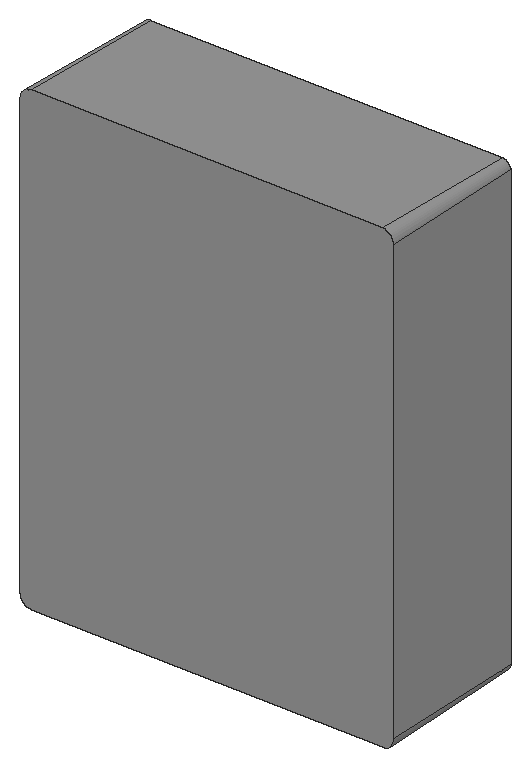
Revit family "L&L_LUCE&LIGHT_PASITO_MINI_1.2", category Lighting Fixtures, host Wall, Revit 2018
Family settings
  Host = Wall
  Round Connector Dimension = Use Diameter
  Part Type = Normal
  OmniClass Number = 23.80.00.00
  OmniClass Title = Electric Power and Lighting
  Always vertical = Yes
  Cut with Voids When Loaded = No
  Light Source = Yes
  Shared = No
  Room Calculation Point = No
Parameters (values of type "PASITO_MINI_1.2 – 60°")
  Wattage = 5 W
  WIDTH = 14.3000 cm
  WEIGHT KG = 0.4
  URL IMAGE = "https://www.lucelight.it/media/prodotti/foto/pasito_mini_1.2_still.jpg"
  URL DXF = "https://www.lucelight.it/media/prodotti/dxf/pasito_mini_1.2.dxf"
  URL DESCRIPTION = "https://www.lucelight.it/en/capitolato.php/110307"
  URL CATALOGUE = "https://www.lucelight.it/media/prodotti/brochure/pasito_brochure_en.pdf"
  Type Comments = "surface mounted (wall)"
  Tilt Angle = 0.00°
  THICKNESS = 4.6000 cm
  TECHNICAL SHEET = "https://www.lucelight.it/media/prodotti/st/ST_PASITO_MINI_12.pdf"
  Photometric Web File = "PASITO MINI 1.2 BE 60° [2700K 5W 24Vdc] white.IES"
  PROTECTION LEVEL = "IP 65"
  PRODUCT CODE CONFIGURATOR = "https://www.lucelight.it/en/prodotto.php/110307#a-generacodice"
  POWER SUPPLY = "24Vdc, 230Vac"
  POWER CONSUMPTION = "6W (230Vac), 5W (24Vdc)"
  PHOTOMETRIC CURVE = ""
  built-in parameter 1150142 = "IESNA:LM-63-2002\r\n[TEST] PASITO 20181009-1642.LDT\r\n[TESTLAB] L&L\r\n[TESTDATE] 9 Oct 2018\r\n[ISSUEDATE] 9 Oct 2018\r\n[MANUFAC] L&L\r\n[LUMCAT] PASITO MINI 1.2 BE 60° [2700K 5W 24Vdc] white\r\n[LUMINAIRE] PASITO MINI 1.2 BE 60° [2700K 5W 24Vdc] white\r\n[FLASHAREA] 0.000015\r\n[LAMPCAT] Power LED\r\n[LAMP] Power LED\r\nTILT=NONE\r\n1 190.00 1.0 181 73 1 2 0.002 0.030 0.000\r\n1.00 1.00 5.00\r\n0.00 1.00 2.00 3.00 4.00 5.00 6.00 7.00 8.00 9.00 10.00 \r\n11.00 12.00 13.00 14.00 15.00 16.00 17.00 18.00 19.00 \r\n20.00 21.00 22.00 23.00 24.00 25.00 26.00 27.00 28.00 \r\n29.00 30.00 31.00 32.00 33.00 34.00 35.00 36.00 37.00 \r\n38.00 39.00 40.00 41.00 42.00 43.00 44.00 45.00 46.00 \r\n47.00 48.00 49.00 50.00 51.00 52.00 53.00 54.00 55.00 \r\n56.00 57.00 58.00 59.00 60.00 61.00 62.00 63.00 64.00 \r\n65.00 66.00 67.00 68.00 69.00 70.00 71.00 72.00 73.00 \r\n74.00 75.00 76.00 77.00 78.00 79.00 80.00 81.00 82.00 \r\n83.00 84.00 85.00 86.00 87.00 88.00 89.00 90.00 91.00 \r\n92.00 93.00 94.00 95.00 96.00 97.00 98.00 99.00 100.00 \r\n101.00 102.00 103.00 104.00 105.00 106.00 107.00 108.00 \r\n109.00 110.00 111.00 112.00 113.00 114.00 115.00 116.00 \r\n117.00 118.00 119.00 120.00 121.00 122.00 123.00 124.00 \r\n125.00 126.00 127.00 128.00 129.00 130.00 131.00 132.00 \r\n133.00 134.00 135.00 136.00 137.00 138.00 139.00 140.00 \r\n141.00 142.00 143.00 144.00 145.00 146.00 147.00 148.00 \r\n149.00 150.00 151.00 152.00 153.00 154.00 155.00 156.00 \r\n157.00 158.00 159.00 160.00 161.00 162.00 163.00 164.00 \r\n165.00 166.00 167.00 168.00 169.00 170.00 171.00 172.00 \r\n173.00 174.00 175.00 176.00 177.00 178.00 179.00 180.00 \r\n0.00 5.00 10.00 15.00 20.00 25.00 30.00 35.00 40.00 45.00 \r\n50.00 55.00 60.00 65.00 70.00 75.00 80.00 85.00 90.00 \r\n95.00 100.00 105.00 110.00 115.00 120.00 125.00 130.00 \r\n135.00 140.00 145.00 150.00 155.00 160.00 165.00 170.00 \r\n175.00 180.00 185.00 190.00 195.00 200.00 205.00 210.00 \r\n215.00 220.00 225.00 230.00 235.00 240.00 245.00 250.00 \r\n255.00 260.00 265.00 270.00 275.00 280.00 285.00 290.00 \r\n295.00 300.00 305.00 310.00 315.00 320.00 325.00 330.00 \r\n335.00 340.00 345.00 350.00 355.00 360.00 \r\n0.01 0.02 0.02 0.02 0.03 0.03 0.03 0.04 0.04 0.04 0.05 \r\n0.05 0.05 0.06 0.06 0.07 0.07 0.07 0.08 0.08 0.09 0.09 \r\n0.10 0.10 0.10 0.11 0.11 0.12 0.12 0.13 0.13 0.14 0.14 \r\n0.15 0.15 0.16 0.16 0.16 0.17 0.17 0.18 0.18 0.19 0.19 \r\n0.19 0.20 0.20 0.21 0.21 0.21 0.22 0.22 0.23 0.23 0.23 \r\n0.24 0.24 0.25 0.25 0.25 0.26 0.26 0.26 0.27 0.27 0.27 \r\n0.28 0.28 0.28 0.29 0.29 0.29 0.30 0.30 0.30 0.31 0.31 \r\n0.31 0.31 0.31 0.32 0.32 0.32 0.32 0.32 0.32 0.33 0.33 \r\n0.33 0.33 0.33 0.33 0.33 0.33 0.33 0.33 0.33 0.33 0.33 \r\n0.33 0.33 0.33 0.32 0.32 0.32 0.32 0.32 0.31 0.31 0.31 \r\n0.31 0.30 0.30 0.30 0.29 0.29 0.29 0.28 0.28 0.28 0.27 \r\n0.27 0.26 0.26 0.25 0.25 0.24 0.24 0.23 0.23 0.23 0.22 \r\n0.22 0.21 0.21 0.20 0.20 0.19 0.19 0.18 0.18 0.17 0.17 \r\n0.16 0.16 0.15 0.15 0.14 0.14 0.13 0.13 0.12 0.12 0.11 \r\n0.11 0.10 0.10 0.09 0.09 0.08 0.08 0.07 0.07 0.06 0.06 \r\n0.05 0.05 0.04 0.04 0.03 0.03 0.03 0.02 0.02 0.02 0.02 \r\n0.02 0.02 0.02 0.02 0.02 \r\n0.01 0.02 0.02 0.02 0.02 0.02 0.02 0.01 0.01 0.01 0.00 \r\n0.00 0.00 0.00 0.00 0.00 0.00 0.00 0.00 0.00 0.00 0.00 \r\n0.00 0.00 0.00 0.00 0.00 0.00 0.00 0.00 0.00 0.00 0.00 \r\n0.00 0.00 0.00 0.00 0.00 0.00 0.00 0.00 0.00 0.00 0.00 \r\n0.00 0.00 0.00 0.00 0.00 0.00 0.00 0.00 0.00 0.00 0.00 \r\n0.00 0.00 0.00 0.00 0.00 0.00 0.00 0.00 0.00 0.00 0.00 \r\n0.00 0.00 0.00 0.00 0.00 0.00 0.00 0.00 0.00 0.00 0.00 \r\n0.00 0.00 0.00 0.00 0.00 0.00 0.00 0.00 0.00 0.00 0.00 \r\n0.00 0.00 0.00 0.00 0.00 0.00 0.00 0.00 0.00 0.00 0.00 \r\n0.00 0.00 0.00 0.00 0.00 0.00 0.00 0.00 0.00 0.00 0.00 \r\n0.00 0.00 0.00 0.00 0.00 0.00 0.00 0.00 0.00 0.00 0.00 \r\n0.00 0.00 0.00 0.00 0.00 0.00 0.00 0.00 0.00 0.00 0.00 \r\n0.00 0.00 0.00 0.00 0.00 0.00 0.00 0.00 0.00 0.00 0.00 \r\n0.00 0.00 0.00 0.00 0.00 0.00 0.00 0.00 0.00 0.00 0.00 \r\n0.00 0.00 0.00 0.00 0.00 0.00 0.00 0.00 0.00 0.00 0.00 \r\n0.00 0.00 0.00 0.00 0.00 0.00 0.00 0.01 0.01 0.01 0.01 \r\n0.01 0.01 0.01 0.01 0.02 \r\n0.01 0.01 0.02 0.01 0.01 0.00 0.00 0.00 0.00 0.00 0.00 \r\n0.00 0.00 0.00 0.00 0.00 0.00 0.00 0.00 0.00 0.00 0.00 \r\n0.00 0.00 0.00 0.00 0.00 0.00 0.00 0.00 0.00 0.00 0.00 \r\n0.00 0.00 0.00 0.00 0.00 0.00 0.00 0.00 0.00 0.00 0.00 \r\n0.00 0.00 0.00 0.00 0.00 0.00 0.00 0.00 0.00 0.00 0.00 \r\n0.00 0.00 0.00 0.00 0.00 0.00 0.00 0.00 0.00 0.00 0.00 \r\n0.00 0.00 0.00 0.00 0.00 0.00 0.00 0.00 0.00 0.00 0.00 \r\n0.00 0.00 0.00 0.00 0.00 0.00 0.00 0.00 0.00 0.00 0.00 \r\n0.00 0.00 0.00 0.00 0.00 0.00 0.00 0.00 0.00 0.00 0.00 \r\n0.00 0.00 0.00 0.00 0.00 0.00 0.00 0.00 0.00 0.00 0.00 \r\n0.00 0.00 0.00 0.00 0.00 0.00 0.00 0.00 0.00 0.00 0.00 \r\n0.00 0.00 0.00 0.00 0.00 0.00 0.00 0.00 0.00 0.00 0.00 \r\n0.00 0.00 0.00 0.00 0.00 0.00 0.00 0.00 0.00 0.00 0.00 \r\n0.00 0.00 0.00 0.00 0.00 0.00 0.00 0.00 0.00 0.00 0.00 \r\n0.00 0.00 0.00 0.00 0.00 0.00 0.00 0.00 0.00 0.00 0.00 \r\n0.00 0.00 0.00 0.00 0.00 0.00 0.00 0.00 0.00 0.00 0.00 \r\n0.00 0.01 0.01 0.01 0.02 \r\n0.01 0.01 0.01 0.01 0.00 0.00 0.00 0.00 0.00 0.00 0.00 \r\n0.00 0.00 0.00 0.00 0.00 0.00 0.00 0.00 0.00 0.00 0.00 \r\n0.00 0.00 0.00 0.00 0.00 0.00 0.00 0.00 0.00 0.00 0.00 \r\n0.00 0.00 0.00 0.00 0.00 0.00 0.00 0.00 0.00 0.00 0.00 \r\n0.00 0.00 0.00 0.00 0.00 0.00 0.00 0.00 0.00 0.00 0.00 \r\n0.00 0.00 0.00 0.00 0.00 0.00 0.00 0.00 0.00 0.00 0.00 \r\n0.00 0.00 0.00 0.00 0.00 0.00 0.00 0.00 0.00 0.00 0.00 \r\n0.00 0.00 0.00 0.00 0.00 0.00 0.00 0.00 0.00 0.00 0.00 \r\n0.00 0.00 0.00 0.00 0.00 0.00 0.00 0.00 0.00 0.00 0.00 \r\n0.00 0.00 0.00 0.00 0.00 0.00 0.00 0.00 0.00 0.00 0.00 \r\n0.00 0.00 0.00 0.00 0.00 0.00 0.00 0.00 0.00 0.00 0.00 \r\n0.00 0.00 0.00 0.00 0.00 0.00 0.00 0.00 0.00 0.00 0.00 \r\n0.00 0.00 0.00 0.00 0.00 0.00 0.00 0.00 0.00 0.00 0.00 \r\n0.00 0.00 0.00 0.00 0.00 0.00 0.00 0.00 0.00 0.00 0.00 \r\n0.00 0.00 0.00 0.00 0.00 0.00 0.00 0.00 0.00 0.00 0.00 \r\n0.00 0.00 0.00 0.00 0.00 0.00 0.00 0.00 0.00 0.00 0.00 \r\n0.00 0.00 0.01 0.01 0.02 \r\n0.01 0.01 0.01 0.00 0.00 0.00 0.00 0.00 0.00 0.00 0.00 \r\n0.00 0.00 0.00 0.00 0.00 0.00 0.00 0.00 0.00 0.00 0.00 \r\n0.00 0.00 0.00 0.00 0.00 0.00 0.00 0.00 0.00 0.00 0.00 \r\n0.00 0.00 0.00 0.00 0.00 0.00 0.00 0.00 0.00 0.00 0.00 \r\n0.00 0.00 0.00 0.00 0.00 0.00 0.00 0.00 0.00 0.00 0.00 \r\n0.00 0.00 0.00 0.00 0.00 0.00 0.00 0.00 0.00 0.00 0.00 \r\n0.00 0.00 0.00 0.00 0.00 0.00 0.00 0.00 0.00 0.00 0.00 \r\n0.00 0.00 0.00 0.00 0.00 0.00 0.00 0.00 0.00 0.00 0.00 \r\n0.00 0.00 0.00 0.00 0.00 0.00 0.00 0.00 0.00 0.00 0.00 \r\n0.00 0.00 0.00 0.00 0.00 0.00 0.00 0.00 0.00 0.00 0.00 \r\n0.00 0.00 0.00 0.00 0.00 0.00 0.00 0.00 0.00 0.00 0.00 \r\n0.00 0.00 0.00 0.00 0.00 0.00 0.00 0.00 0.00 0.00 0.00 \r\n0.00 0.00 0.00 0.00 0.00 0.00 0.00 0.00 0.00 0.00 0.00 \r\n0.00 0.00 0.00 0.00 0.00 0.00 0.00 0.00 0.00 0.00 0.00 \r\n0.00 0.00 0.00 0.00 0.00 0.00 0.00 0.00 0.00 0.00 0.00 \r\n0.00 0.00 0.00 0.00 0.00 0.00 0.00 0.00 0.00 0.00 0.00 \r\n0.00 0.00 0.00 0.01 0.02 \r\n0.01 0.01 0.00 0.00 0.00 0.00 0.00 0.00 0.00 0.00 0.00 \r\n0.00 0.00 0.00 0.00 0.00 0.00 0.00 0.00 0.00 0.00 0.00 \r\n0.00 0.00 0.00 0.00 0.00 0.00 0.00 0.00 0.00 0.00 0.00 \r\n0.00 0.00 0.00 0.00 0.00 0.00 0.00 0.00 0.00 0.00 0.00 \r\n0.00 0.00 0.00 0.00 0.00 0.00 0.00 0.00 0.00 0.00 0.00 \r\n0.00 0.00 0.00 0.00 0.00 0.00 0.00 0.00 0.00 0.00 0.00 \r\n0.00 0.00 0.00 0.00 0.00 0.00 0.00 0.00 0.00 0.00 0.00 \r\n0.00 0.00 0.00 0.00 0.00 0.00 0.00 0.00 0.00 0.00 0.00 \r\n0.00 0.00 0.00 0.00 0.00 0.00 0.00 0.00 0.00 0.00 0.00 \r\n0.00 0.00 0.00 0.00 0.00 0.00 0.00 0.00 0.00 0.00 0.00 \r\n0.00 0.00 0.00 0.00 0.00 0.00 0.00 0.00 0.00 0.00 0.00 \r\n0.00 0.00 0.00 0.00 0.00 0.00 0.00 0.00 0.00 0.00 0.00 \r\n0.00 0.00 0.00 0.00 0.00 0.00 0.00 0.00 0.00 0.00 0.00 \r\n0.00 0.00 0.00 0.00 0.00 0.00 0.00 0.00 0.00 0.00 0.00 \r\n0.00 0.00 0.00 0.00 0.00 0.00 0.00 0.00 0.00 0.00 0.00 \r\n0.00 0.00 0.00 0.00 0.00 0.00 0.00 0.00 0.00 0.00 0.00 \r\n0.00 0.00 0.00 0.01 0.02 \r\n0.01 0.01 0.00 0.00 0.00 0.00 0.00 0.00 0.00 0.00 0.00 \r\n0.00 0.00 0.00 0.00 0.00 0.00 0.00 0.00 0.00 0.00 0.00 \r\n0.00 0.00 0.00 0.00 0.00 0.00 0.00 0.00 0.00 0.00 0.00 \r\n0.00 0.00 0.00 0.00 0.00 0.00 0.00 0.00 0.00 0.00 0.00 \r\n0.00 0.00 0.00 0.00 0.00 0.00 0.00 0.00 0.00 0.00 0.00 \r\n0.00 0.00 0.00 0.00 0.00 0.00 0.00 0.00 0.00 0.00 0.00 \r\n0.00 0.00 0.00 0.00 0.00 0.00 0.00 0.00 0.00 0.00 0.00 \r\n0.00 0.00 0.00 0.00 0.00 0.00 0.00 0.00 0.00 0.00 0.00 \r\n0.00 0.00 0.00 0.00 0.00 0.00 0.00 0.00 0.00 0.00 0.00 \r\n0.00 0.00 0.00 0.00 0.00 0.00 0.00 0.00 0.00 0.00 0.00 \r\n0.00 0.00 0.00 0.00 0.00 0.00 0.00 0.00 0.00 0.00 0.00 \r\n0.00 0.00 0.00 0.00 0.00 0.00 0.00 0.00 0.00 0.00 0.00 \r\n0.00 0.00 0.00 0.00 0.00 0.00 0.00 0.00 0.00 0.00 0.00 \r\n0.00 0.00 0.00 0.00 0.00 0.00 0.00 0.00 0.00 0.00 0.00 \r\n0.00 0.00 0.00 0.00 0.00 0.00 0.00 0.00 0.00 0.00 0.00 \r\n0.00 0.00 0.00 0.00 0.00 0.00 0.00 0.00 0.00 0.00 0.00 \r\n0.00 0.00 0.00 0.01 0.02 \r\n0.01 0.01 0.00 0.00 0.00 0.00 0.00 0.00 0.00 0.00 0.00 \r\n0.00 0.00 0.00 0.00 0.00 0.00 0.00 0.00 0.00 0.00 0.00 \r\n0.00 0.00 0.00 0.00 0.00 0.00 0.00 0.00 0.00 0.00 0.00 \r\n0.00 0.00 0.00 0.00 0.00 0.00 0.00 0.00 0.00 0.00 0.00 \r\n0.00 0.00 0.00 0.00 0.00 0.00 0.00 0.00 0.00 0.00 0.00 \r\n0.00 0.00 0.00 0.00 0.00 0.00 0.00 0.00 0.00 0.00 0.00 \r\n0.00 0.00 0.00 0.00 0.00 0.00 0.00 0.00 0.00 0.00 0.00 \r\n0.00 0.00 0.00 0.00 0.00 0.00 0.00 0.00 0.00 0.00 0.00 \r\n0.00 0.00 0.00 0.00 0.00 0.00 0.00 0.00 0.00 0.00 0.00 \r\n0.00 0.00 0.00 0.00 0.00 0.00 0.00 0.00 0.00 0.00 0.00 \r\n0.00 0.00 0.00 0.00 0.00 0.00 0.00 0.00 0.00 0.00 0.00 \r\n0.00 0.00 0.00 0.00 0.00 0.00 0.00 0.00 0.00 0.00 0.00 \r\n0.00 0.00 0.00 0.00 0.00 0.00 0.00 0.00 0.00 0.00 0.00 \r\n0.00 0.00 0.00 0.00 0.00 0.00 0.00 0.00 0.00 0.00 0.00 \r\n0.00 0.00 0.00 0.00 0.00 0.00 0.00 0.00 0.00 0.00 0.00 \r\n0.00 0.00 0.00 0.00 0.00 0.00 0.00 0.00 0.00 0.00 0.00 \r\n0.00 0.00 0.00 0.01 0.02 \r\n0.01 0.01 0.00 0.00 0.00 0.00 0.00 0.00 0.00 0.00 0.00 \r\n0.00 0.00 0.00 0.00 0.00 0.00 0.00 0.00 0.00 0.00 0.00 \r\n0.00 0.00 0.00 0.00 0.00 0.00 0.00 0.00 0.00 0.00 0.00 \r\n0.00 0.00 0.00 0.00 0.00 0.00 0.00 0.00 0.00 0.00 0.00 \r\n0.00 0.00 0.00 0.00 0.00 0.00 0.00 0.00 0.00 0.00 0.00 \r\n0.00 0.00 0.00 0.00 0.00 0.00 0.00 0.00 0.00 0.00 0.00 \r\n0.00 0.00 0.00 0.00 0.00 0.00 0.00 0.00 0.00 0.00 0.00 \r\n0.00 0.00 0.00 0.00 0.00 0.00 0.00 0.00 0.00 0.00 0.00 \r\n0.00 0.00 0.00 0.00 0.00 0.00 0.00 0.00 0.00 0.00 0.00 \r\n0.00 0.00 0.00 0.00 0.00 0.00 0.00 0.00 0.00 0.00 0.00 \r\n0.00 0.00 0.00 0.00 0.00 0.00 0.00 0.00 0.00 0.00 0.00 \r\n0.00 0.00 0.00 0.00 0.00 0.00 0.00 0.00 0.00 0.00 0.00 \r\n0.00 0.00 0.00 0.00 0.00 0.00 0.00 0.00 0.00 0.00 0.00 \r\n0.00 0.00 0.00 0.00 0.00 0.00 0.00 0.00 0.00 0.00 0.00 \r\n0.00 0.00 0.00 0.00 0.00 0.00 0.00 0.00 0.00 0.00 0.00 \r\n0.00 0.00 0.00 0.00 0.00 0.00 0.00 0.00 0.00 0.00 0.00 \r\n0.00 0.00 0.00 0.01 0.02 \r\n0.01 0.01 0.00 0.00 0.00 0.00 0.00 0.00 0.00 0.00 0.00 \r\n0.00 0.00 0.00 0.00 0.00 0.00 0.00 0.00 0.00 0.00 0.00 \r\n0.00 0.00 0.00 0.00 0.00 0.00 0.00 0.00 0.00 0.00 0.00 \r\n0.00 0.00 0.00 0.00 0.00 0.00 0.00 0.00 0.00 0.00 0.00 \r\n0.00 0.00 0.00 0.00 0.00 0.00 0.00 0.00 0.00 0.00 0.00 \r\n0.00 0.00 0.00 0.00 0.00 0.00 0.00 0.00 0.00 0.00 0.00 \r\n0.00 0.00 0.00 0.00 0.00 0.00 0.00 0.00 0.00 0.00 0.00 \r\n0.00 0.00 0.00 0.00 0.00 0.00 0.00 0.00 0.00 0.00 0.00 \r\n0.00 0.00 0.00 0.00 0.00 0.00 0.00 0.00 0.00 0.00 0.00 \r\n0.00 0.00 0.00 0.00 0.00 0.00 0.00 0.00 0.00 0.00 0.00 \r\n0.00 0.00 0.00 0.00 0.00 0.00 0.00 0.00 0.00 0.00 0.00 \r\n0.00 0.00 0.00 0.00 0.00 0.00 0.00 0.00 0.00 0.00 0.00 \r\n0.00 0.00 0.00 0.00 0.00 0.00 0.00 0.00 0.00 0.00 0.00 \r\n0.00 0.00 0.00 0.00 0.00 0.00 0.00 0.00 0.00 0.00 0.00 \r\n0.00 0.00 0.00 0.00 0.00 0.00 0.00 0.00 0.00 0.00 0.00 \r\n0.00 0.00 0.00 0.00 0.00 0.00 0.00 0.00 0.00 0.00 0.00 \r\n0.00 0.00 0.00 0.00 0.02 \r\n0.01 0.01 0.00 0.00 0.00 0.00 0.00 0.00 0.00 0.00 0.00 \r\n0.00 0.00 0.00 0.00 0.00 0.00 0.00 0.00 0.00 0.00 0.00 \r\n0.00 0.00 0.00 0.00 0.00 0.00 0.00 0.00 0.00 0.00 0.00 \r\n0.00 0.00 0.00 0.00 0.00 0.00 0.00 0.00 0.00 0.00 0.00 \r\n0.00 0.00 0.00 0.00 0.00 0.00 0.00 0.00 0.00 0.00 0.00 \r\n0.00 0.00 0.00 0.00 0.00 0.00 0.00 0.00 0.00 0.00 0.00 \r\n0.00 0.00 0.00 0.00 0.00 0.00 0.00 0.00 0.00 0.00 0.00 \r\n0.00 0.00 0.00 0.00 0.00 0.00 0.00 0.00 0.00 0.00 0.00 \r\n0.00 0.00 0.00 0.00 0.00 0.00 0.00 0.00 0.00 0.00 0.00 \r\n0.00 0.00 0.00 0.00 0.00 0.00 0.00 0.00 0.00 0.00 0.00 \r\n0.00 0.00 0.00 0.00 0.00 0.00 0.00 0.00 0.00 0.00 0.00 \r\n0.00 0.00 0.00 0.00 0.00 0.00 0.00 0.00 0.00 0.00 0.00 \r\n0.00 0.00 0.00 0.00 0.00 0.00 0.00 0.00 0.00 0.00 0.00 \r\n0.00 0.00 0.00 0.00 0.00 0.00 0.00 0.00 0.00 0.00 0.00 \r\n0.00 0.00 0.00 0.00 0.00 0.00 0.00 0.00 0.00 0.00 0.00 \r\n0.00 0.00 0.00 0.00 0.00 0.00 0.00 0.00 0.00 0.00 0.00 \r\n0.00 0.00 0.00 0.00 0.02 \r\n0.01 0.00 0.00 0.00 0.00 0.00 0.00 0.00 0.00 0.00 0.00 \r\n0.00 0.00 0.00 0.00 0.00 0.00 0.00 0.00 0.00 0.00 0.00 \r\n0.00 0.00 0.00 0.00 0.00 0.00 0.00 0.00 0.00 0.00 0.00 \r\n0.00 0.00 0.00 0.00 0.00 0.00 0.00 0.00 0.00 0.00 0.00 \r\n0.00 0.00 0.00 0.00 0.00 0.00 0.00 0.00 0.00 0.00 0.00 \r\n0.00 0.00 0.00 0.00 0.00 0.00 0.00 0.00 0.00 0.00 0.00 \r\n0.00 0.00 0.00 0.00 0.00 0.00 0.00 0.00 0.00 0.00 0.00 \r\n0.00 0.00 0.00 0.00 0.00 0.00 0.00 0.00 0.00 0.00 0.00 \r\n0.00 0.00 0.00 0.00 0.00 0.00 0.00 0.00 0.00 0.00 0.00 \r\n0.00 0.00 0.00 0.00 0.00 0.00 0.00 0.00 0.00 0.00 0.00 \r\n0.00 0.00 0.00 0.00 0.00 0.00 0.00 0.00 0.00 0.00 0.00 \r\n0.00 0.00 0.00 0.00 0.00 0.00 0.00 0.00 0.00 0.00 0.00 \r\n0.00 0.00 0.00 0.00 0.00 0.00 0.00 0.00 0.00 0.00 0.00 \r\n0.00 0.00 0.00 0.00 0.00 0.00 0.00 0.00 0.00 0.00 0.00 \r\n0.00 0.00 0.00 0.00 0.00 0.00 0.00 0.00 0.00 0.00 0.00 \r\n0.00 0.00 0.00 0.00 0.00 0.00 0.00 0.00 0.00 0.00 0.00 \r\n0.00 0.00 0.00 0.00 0.02 \r\n0.01 0.00 0.00 0.00 0.00 0.00 0.00 0.00 0.00 0.00 0.00 \r\n0.00 0.00 0.00 0.00 0.00 0.00 0.00 0.00 0.00 0.00 0.00 \r\n0.00 0.00 0.00 0.00 0.00 0.00 0.00 0.00 0.00 0.00 0.00 \r\n0.00 0.00 0.00 0.00 0.00 0.00 0.00 0.00 0.00 0.00 0.00 \r\n0.00 0.00 0.00 0.00 0.00 0.00 0.00 0.00 0.00 0.00 0.00 \r\n0.00 0.00 0.00 0.00 0.00 0.00 0.00 0.00 0.00 0.00 0.00 \r\n0.00 0.00 0.00 0.00 0.00 0.00 0.00 0.00 0.00 0.00 0.00 \r\n0.00 0.00 0.00 0.00 0.00 0.00 0.00 0.00 0.00 0.00 0.00 \r\n0.00 0.00 0.00 0.00 0.00 0.00 0.00 0.00 0.00 0.00 0.00 \r\n0.00 0.00 0.00 0.00 0.00 0.00 0.00 0.00 0.00 0.00 0.00 \r\n0.00 0.00 0.00 0.00 0.00 0.00 0.00 0.00 0.00 0.00 0.00 \r\n0.00 0.00 0.00 0.00 0.00 0.00 0.00 0.00 0.00 0.00 0.00 \r\n0.00 0.00 0.00 0.00 0.00 0.00 0.00 0.00 0.00 0.00 0.00 \r\n0.00 0.00 0.00 0.00 0.00 0.00 0.00 0.00 0.00 0.00 0.00 \r\n0.00 0.00 0.00 0.00 0.00 0.00 0.00 0.00 0.00 0.00 0.00 \r\n0.00 0.00 0.00 0.00 0.00 0.00 0.00 0.00 0.00 0.00 0.00 \r\n0.00 0.00 0.00 0.00 0.02 \r\n0.01 0.00 0.00 0.00 0.00 0.00 0.00 0.00 0.00 0.00 0.00 \r\n0.00 0.00 0.00 0.00 0.00 0.00 0.00 0.00 0.00 0.00 0.00 \r\n0.00 0.00 0.00 0.00 0.00 0.00 0.00 0.00 0.00 0.00 0.00 \r\n0.00 0.00 0.00 0.00 0.00 0.00 0.00 0.00 0.00 0.00 0.00 \r\n0.00 0.00 0.00 0.00 0.00 0.00 0.00 0.00 0.00 0.00 0.00 \r\n0.00 0.00 0.00 0.00 0.00 0.00 0.00 0.00 0.00 0.00 0.00 \r\n0.00 0.00 0.00 0.00 0.00 0.00 0.00 0.00 0.00 0.00 0.00 \r\n0.00 0.00 0.00 0.00 0.00 0.00 0.00 0.00 0.00 0.00 0.00 \r\n0.00 0.00 0.00 0.00 0.00 0.00 0.00 0.00 0.00 0.00 0.00 \r\n0.00 0.00 0.00 0.00 0.00 0.00 0.00 0.00 0.00 0.00 0.00 \r\n0.00 0.00 0.00 0.00 0.00 0.00 0.00 0.00 0.00 0.00 0.00 \r\n0.00 0.00 0.00 0.00 0.00 0.00 0.00 0.00 0.00 0.00 0.00 \r\n0.00 0.00 0.00 0.00 0.00 0.00 0.00 0.00 0.00 0.00 0.00 \r\n0.00 0.00 0.00 0.00 0.00 0.00 0.00 0.00 0.00 0.00 0.00 \r\n0.00 0.00 0.00 0.00 0.00 0.00 0.00 0.00 0.00 0.00 0.00 \r\n0.00 0.00 0.00 0.00 0.00 0.00 0.00 0.00 0.00 0.00 0.00 \r\n0.00 0.00 0.00 0.00 0.02 \r\n0.01 0.00 0.00 0.00 0.00 0.00 0.00 0.00 0.00 0.00 0.00 \r\n0.00 0.00 0.00 0.00 0.00 0.00 0.00 0.00 0.00 0.00 0.00 \r\n0.00 0.00 0.00 0.00 0.00 0.00 0.00 0.00 0.00 0.00 0.00 \r\n0.00 0.00 0.00 0.00 0.00 0.00 0.00 0.00 0.00 0.00 0.00 \r\n0.00 0.00 0.00 0.00 0.00 0.00 0.00 0.00 0.00 0.00 0.00 \r\n0.00 0.00 0.00 0.00 0.00 0.00 0.00 0.00 0.00 0.00 0.00 \r\n0.00 0.00 0.00 0.00 0.00 0.00 0.00 0.00 0.00 0.00 0.00 \r\n0.00 0.00 0.00 0.00 0.00 0.00 0.00 0.00 0.00 0.00 0.00 \r\n0.00 0.00 0.00 0.00 0.00 0.00 0.00 0.00 0.00 0.00 0.00 \r\n0.00 0.00 0.00 0.00 0.00 0.00 0.00 0.00 0.00 0.00 0.00 \r\n0.00 0.00 0.00 0.00 0.00 0.00 0.00 0.00 0.00 0.00 0.00 \r\n0.00 0.00 0.00 0.00 0.00 0.00 0.00 0.00 0.00 0.00 0.00 \r\n0.00 0.00 0.00 0.00 0.00 0
